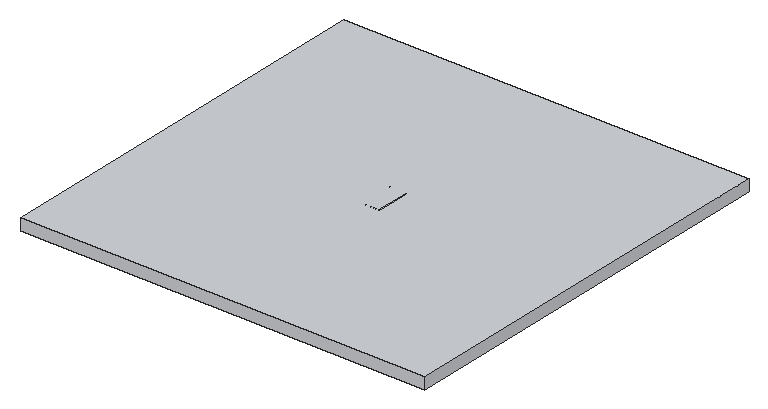
Revit family
Parameters (values of type "4" X 8"  Strainer - 2" Drain")
  WFU = 0
  URL = "WWW.MIFAB.COM"
  Top Width = 8.000"
  Top Length = 4.000"
  Strainer Diameter = 6.9375"
  Strainer Adjustment [instance] = 1.500"
  Pipe Radius = Pipe Diameter / 2  # 1.000"
  Pipe Diameter = 2.000"
  Model = "F1100-C-RS"
  Manufacturer = "MIFAB"
  Floor Drain Material = Paint - Sherwin Williams Paint - #952C2A - Bellwood Red
  Domestic Cold Water Radius = 0.250"
  Domestic Cold Water Diameter = Domestic Cold Water Radius * 2  # 0.500"
  Description = "FLOOR DRAIN WITH RECTANGULAR STRAINER"
  Default Elevation = 0.000"
  CWFU = 0
  Body Height = 4.250"
  Assembly Code = ""
Types (16): name | Top Width | Top Length | Pipe Radius | Pipe Diameter
  (no name) | 8.000" | 4.000" | 1.000" | 2.000"
  5" X 17"  Strainer - 2" Drain | 17.000" | 5.000" | 1.000" | 2.000"
  5" X 17"  Strainer - 3" Drain | 17.000" | 5.000" | 1.500" | 3.000"
  5" X 17"  Strainer - 4" Drain | 17.000" | 5.000" | 2.000" | 4.000"
  5" X 17"  Strainer - 5" Drain | 17.000" | 5.000" | 2.500" | 5.000"
  5" X 17"  Strainer - 6" Drain | 17.000" | 5.000" | 3.000" | 6.000"
  4" X 12"  Strainer - 6" Drain | 12.000" | 4.000" | 3.000" | 6.000"
  4" X 8"  Strainer - 6" Drain | 8.000" | 4.000" | 3.000" | 6.000"
  4" X 12"  Strainer - 2" Drain | 12.000" | 4.000" | 1.000" | 2.000"
  4" X 12"  Strainer - 3" Drain | 12.000" | 4.000" | 1.500" | 3.000"
  4" X 12"  Strainer - 4" Drain | 12.000" | 4.000" | 2.000" | 4.000"
  4" X 12"  Strainer - 5" Drain | 12.000" | 4.000" | 2.500" | 5.000"
  4" X 8"  Strainer - 2" Drain | 8.000" | 4.000" | 1.000" | 2.000"
  4" X 8"  Strainer - 3" Drain | 8.000" | 4.000" | 1.500" | 3.000"
  4" X 8"  Strainer - 4" Drain | 8.000" | 4.000" | 2.000" | 4.000"
  4" X 8"  Strainer - 5" Drain | 8.000" | 4.000" | 2.500" | 5.000"
Reference planes (in)
  plane 1 "Center (Front/Back)": y = 0
  plane 2: z = 0
  plane 3 "Center (Left/Right)": x = 0
  plane 4: z = -5.75
  plane 5: z = -1.5
  plane 6: z = 0
  plane 7: y = -3.46875
  plane 8: y = 3.46875
  plane 9: y = 4
  plane 10: y = -4
  plane 11: y = -1
  plane 12: y = 1
  plane 13: x = -2
  plane 14: x = 2
  plane 15: z = -0.8
  plane 16: z = -1.5
  plane 17: z = -5.75
  plane 18: z = -0.45
  plane 19: y = 4
  plane 20: y = -4
Forms (in)
  Extrusion 1, solid
    sketch origin (0, 0, 0) x (1, 0, 0) y (0, 1, 0)
      loop
        line (-48, 48) -> (-48, -48) -> (48, -48) -> (48, 48) -> (-48, 48)
    from 0 to -2.74267
  Revolve 2, solid, material "Paint - Sherwin Williams Paint - #952C2A - Bellwood Red" <- "Floor Drain Material"
    sketch origin (0, 0.04396, 0) x (0, 1, 0) y (0, 0, 1)
      loop
        line (-2.94397, -1.5) -> (-4.04396, -1.5) -> (-4.04396, -1.76052) -> (-3.39696, -1.76052) -> (-3.25893, -2.74267) -> (-3.14124, -2.75504) -> (-3.14124, -3.56754) -> (-1.04396, -4.37488) -> (-1.04396, -5.75) -> (-0.79396, -5.75) -> (-0.79396, -4.28904) -> (-2.94397, -3.41396) -> (-2.94397, -1.5)
      axis (-0.04396, -1.5) -> (-0.04396, -5.75)
    angle from 0 to 360
  Revolve 3, solid, material "Paint - Sherwin Williams Paint - #952C2A - Bellwood Red" <- "Floor Drain Material"
    sketch origin (0, 0, 0) x (0, 1, 0) y (0, 0, 1)
      loop
        line (-4, -1.5) -> (-1.80049, -1.5) -> (-1.80049, -0.8) -> (-1.8891, -0.8) -> (-1.8891, -1.25) -> (-4, -1.25) -> (-4, -1.5)
      axis (0, -0.8) -> (0, -1.5)
    angle from 0 to 360
  Revolve 4, solid, material "Paint - Sherwin Williams Paint - #952C2A - Bellwood Red" <- "Floor Drain Material"
    sketch origin (3.23224, 3.35604, 1.30859) x (0, 1, 0) y (0, 0, 1)
      loop
        line (-3.29765, -2.32681) -> (-3.62527, -2.32681) -> (-3.62527, -2.50802) -> (-3.72878, -2.50802) -> (-3.72878, -2.55859) -> (-3.52524, -2.55859) -> (-3.52524, -3.64951) -> (-3.29765, -3.64951) -> (-3.29765, -2.32681)
      axis (-3.29765, -2.32681) -> (-3.29765, -3.64951)
    angle from 0 to 360
  Revolve 5, solid, material "Paint - Sherwin Williams Paint - #952C2A - Bellwood Red" <- "Floor Drain Material"
    sketch origin (0.4375, 0, 0) x (1, 0, 0) y (0, 0, 1)
      loop
        line (-4.4739, -2.25159) -> (-2.8927, -2.25159) -> (-2.8927, -1.9078) -> (-3.81457, -1.9078) -> (-3.90837, -2.00159) -> (-4.4739, -2.00159) -> (-4.4739, -2.25159)
      axis (-2.8927, -2.25159) -> (-4.4739, -2.25159)
    angle from 0 to 360
  Revolve 6, solid, material "Paint - Sherwin Williams Paint - #952C2A - Bellwood Red" <- "Floor Drain Material"
    sketch origin (1.2903, -4.47722, 1.30859) x (0.866025, -0.5, 0) y (0, 0, 1)
      loop
        line (-3.29765, -2.32681) -> (-3.62527, -2.32681) -> (-3.62527, -2.50802) -> (-3.72878, -2.50802) -> (-3.72878, -2.55859) -> (-3.52524, -2.55859) -> (-3.52524, -3.64951) -> (-3.29765, -3.64951) -> (-3.29765, -2.32681)
      axis (-3.29765, -2.32681) -> (-3.29765, -3.64951)
    angle from 0 to 360
  Revolve 7, solid, material "Paint - Sherwin Williams Paint - #952C2A - Bellwood Red" <- "Floor Drain Material"
    sketch origin (-4.52254, 1.12118, 1.30859) x (-0.866025, -0.5, 0) y (0, 0, 1)
      loop
        line (-3.29765, -2.32681) -> (-3.62527, -2.32681) -> (-3.62527, -2.50802) -> (-3.72878, -2.50802) -> (-3.72878, -2.55859) -> (-3.52524, -2.55859) -> (-3.52524, -3.64951) -> (-3.29765, -3.64951) -> (-3.29765, -2.32681)
      axis (-3.29765, -2.32681) -> (-3.29765, -3.64951)
    angle from 0 to 360
  Blend 8, solid, material "Paint - Sherwin Williams Paint - #952C2A - Bellwood Red" <- "Floor Drain Material"
    base sketch origin (0, 0, 0) x (1, 0, 0) y (0, 1, 0)
      loop
        arc (-0.84483, 1.68967) -> (-1.8891, 0) -> (-0.84483, -1.68967) r 1.8891
        arc (-0.84483, -1.68967) -> (0, -1.8891) -> (0.84483, -1.68967) r 1.8891
        arc (0.84483, -1.68967) -> (1.8891, 0) -> (0.84483, 1.68967) r 1.8891
        arc (0.84483, 1.68967) -> (0, 1.8891) -> (-0.84483, 1.68967) r 1.8891
    top sketch origin (0, 0, 0) x (1, 0, 0) y (0, 1, 0)
      loop
        line (-2, 4) -> (-2, -4) -> (2, -4) -> (2, 4) -> (-2, 4)
    from -0.8 to -0.45
  Extrusion 9, solid, material "Paint - Sherwin Williams Paint - #952C2A - Bellwood Red" <- "Floor Drain Material"
    sketch origin (0, 0, 0) x (1, 0, 0) y (0, 1, 0)
      loop
        line (-2, 4) -> (-2, -4) -> (2, -4) -> (2, 4) -> (-2, 4)
    from -0.45 to 0
Cuts and joins
  joined: Revolve 2, Revolve 5
Dimensions and locks (in)
  "Body Height": plane 5 to plane 4
  "Strainer Adjustment": plane 6 to plane 5
  equal spacing: plane 8, plane 1 "Center (Front/Back)", plane 7
  "Strainer Diameter": plane 8 to plane 7
  equal spacing: plane 9, plane 1 "Center (Front/Back)", plane 10
  plane 9 to plane 10 = 8.000"
  equal spacing: Revolve 2, Revolve 5 sketch curve, Revolve 2
  equal spacing: plane 12, plane 1 "Center (Front/Back)", plane 11
  "Pipe Diameter": plane 12 to plane 11
  "Pipe Radius": plane 1 "Center (Front/Back)" to plane 11
  locked: Revolve 2 to Revolve 5 sketch curve at 0.49108
  locked: Revolve 5 sketch curve to plane 3 "Center (Left/Right)" at 2.4552
  equal spacing: plane 13, plane 3 "Center (Left/Right)", plane 14
  "Top Length": plane 13 to plane 14
  "Strainer Adjustment": level to plane 16
  "Body Height": plane 16 to plane 17
  level to plane 18 to plane 15 = 0.450", 0.350"
  equal spacing: plane 19, plane 1 "Center (Front/Back)", plane 20
  "Top Width": plane 19 to plane 20
  aligned and locked: plane 2 to Extrusion 1
  aligned and locked: level to Extrusion 1
  aligned and locked: plane 5 to Revolve 2 sketch curve
  aligned and locked: Revolve 2 to Revolve 3 sketch curve
  aligned and locked: Revolve 3 sketch curve to Revolve 2
  aligned and locked: Revolve 2 sketch curve to plane 11
  aligned and locked: plane 10 to Revolve 2 sketch curve
  aligned and locked: Extrusion 1 to plane 6
  aligned and locked: Revolve 3 to Revolve 6
  aligned and locked: Revolve 3 to Revolve 4
  aligned and locked: Revolve 6 to Revolve 3
  aligned and locked: Revolve 3 to Revolve 7
  aligned and locked: Blend 8 to Revolve 3
  aligned and locked: Blend 8 to plane 15
  aligned and locked: plane 18 to Blend 8
  aligned and locked: plane 20 to Blend 8 sketch curve
  aligned and locked: Blend 8 sketch curve to plane 19
  aligned and locked: Extrusion 9 sketch curve to plane 13
  aligned and locked: Extrusion 9 sketch curve to Blend 8  (x2)
  aligned and locked: Extrusion 9 sketch curve to plane 19
  aligned and locked: Extrusion 9 to Blend 8
  aligned and locked: level to Extrusion 9
Automatic sketch dimensions
  Extrusion 1 sketch curve to Extrusion 1 sketch curve = 96.000"  (x2)
  Revolve 3 sketch curve to plane 1 "Center (Front/Back)" = 0.000"
  Revolve 3 sketch curve to level = 0.000"
  Revolve 3 sketch curve to Revolve 3 sketch curve = 2.08323"
  Revolve 3 sketch curve to Revolve 3 sketch curve = 0.250"
  Revolve 3 sketch curve to Revolve 3 sketch curve = 0.450"
  Revolve 3 sketch curve to Revolve 3 sketch curve = 0.08861"
  Revolve 4 sketch curve to Revolve 4 sketch curve = 0.20354"
  Revolve 4 sketch curve to Revolve 4 sketch curve = 0.10003"
  Revolve 4 sketch curve to Revolve 4 sketch curve = 0.32762"
  Revolve 4 sketch curve to Revolve 4 sketch curve = 0.000"  (x3)
  Revolve 4 sketch curve to Revolve 4 sketch curve = 1.09092"
  Revolve 4 sketch curve to Revolve 4 sketch curve = 0.05057"
  Revolve 4 sketch curve to Revolve 4 sketch curve = 0.18121"
  Revolve 5 sketch curve to Revolve 5 sketch curve = 0.56553"
  Revolve 5 sketch curve to Revolve 5 sketch curve = 0.09379"
  Revolve 5 sketch curve to Revolve 5 sketch curve = 0.22507"
  Revolve 5 sketch curve to Revolve 5 sketch curve = 0.7906"
  Revolve 5 sketch curve to Revolve 5 sketch curve = 0.000"
  Revolve 5 sketch curve to Revolve 5 sketch curve = 0.250"
  Revolve 5 sketch curve to Revolve 5 sketch curve = 0.34379"
  Revolve 2 sketch curve to plane 4 = 0.000"  (x2)
  Revolve 2 sketch curve to plane 1 "Center (Front/Back)" = 0.000"
  Revolve 2 sketch curve to plane 7 = 0.11575"
  Revolve 2 sketch curve to plane 7 = 0.25378"
  Revolve 2 sketch curve to plane 7 = 0.37147"
  Revolve 2 sketch curve to Revolve 2 sketch curve = 0.45299"
  Revolve 2 sketch curve to plane 11 = 0.250"
  plane 4 to Revolve 2 sketch curve = 1.37512"
  Revolve 2 sketch curve to Revolve 2 sketch curve = 0.08584"
  Revolve 2 sketch curve to plane 5 = 2.06754"
  Revolve 2 sketch curve to Revolve 2 sketch curve = 0.15358"
  Revolve 2 sketch curve to Revolve 2 sketch curve = 0.65892"
  Revolve 2 sketch curve to Revolve 2 sketch curve = 0.01237"
  Revolve 2 sketch curve to plane 5 = 0.26052"
  Revolve 2 sketch curve to plane 5 = 0.250"
  Revolve 6 sketch curve to Revolve 6 sketch curve = 0.20354"
  Revolve 6 sketch curve to Revolve 6 sketch curve = 0.10003"
  Revolve 6 sketch curve to Revolve 6 sketch curve = 0.32762"
  Revolve 6 sketch curve to Revolve 6 sketch curve = 0.000"  (x3)
  Revolve 6 sketch curve to Revolve 6 sketch curve = 1.09092"
  Revolve 6 sketch curve to Revolve 6 sketch curve = 0.05057"
  Revolve 6 sketch curve to Revolve 6 sketch curve = 0.18121"
  Revolve 7 sketch curve to Revolve 7 sketch curve = 0.20354"
  Revolve 7 sketch curve to Revolve 7 sketch curve = 0.10003"
  Revolve 7 sketch curve to Revolve 7 sketch curve = 0.32762"
  Revolve 7 sketch curve to Revolve 7 sketch curve = 0.000"  (x3)
  Revolve 7 sketch curve to Revolve 7 sketch curve = 1.09092"
  Revolve 7 sketch curve to Revolve 7 sketch curve = 0.05057"
  Revolve 7 sketch curve to Revolve 7 sketch curve = 0.18121"
  Revolve 3 sketch curve to plane 7 = 1.57965"
  plane 1 "Center (Front/Back)" to Blend 8 sketch curve = 0.000"
  Blend 8 sketch curve to plane 3 "Center (Left/Right)" = 0.000"
  Blend 8 sketch curve to Blend 8 sketch curve = 0.000"  (x5)
  Blend 8 sketch curve to plane 3 "Center (Left/Right)" = 0.84483"  (x2)
  plane 3 "Center (Left/Right)" to Blend 8 sketch curve = 0.84483"  (x2)
  Blend 8 sketch curve to plane 13 = 0.000"
  Blend 8 sketch curve to plane 14 = 0.000"
  plane 1 "Center (Front/Back)" to Revolve 4 sketch curve = 0.37274"
  Revolve 4 sketch curve to plane 16 = 0.84092"
  plane 16 to Revolve 6 sketch curve = 0.30057"
  plane 16 to Revolve 7 sketch curve = 0.30057"
  radius of Blend 8 sketch curve = 1.8891"
Connectors (in)
  piping at (-4.0364, 0, -2.25159), driven by "Domestic Cold Water Radius", driven by "CWFU"
    settings: on Revolve 5, index 1, connector radius 1/4", flow factor 0, pipe flow 0 GPM, pressure drop 0.00 psi, fitting loss kfactor 0, connector angle 0.00°, fixture units 0, flow configuration 3, flow direction 1, fitting loss method 0, system type 20, connector reference index -1, connector utility 0, adjustable connector no, is connector primary yes, fitting loss table "", connector description "Domestic Cold Water In"
  piping at (0, 0, -5.75), driven by "Pipe Radius", driven by "WFU"
    settings: on Revolve 2, index 2, connector radius 1", flow factor 0, pipe flow 0 GPM, pressure drop 0.00 psi, fitting loss kfactor 0, connector angle 0.00°, fixture units 0, flow configuration 3, flow direction 2, fitting loss method 0, system type 16, connector reference index -1, connector utility 0, adjustable connector no, is connector primary no, fitting loss table "", connector description "Sanitary Out"
